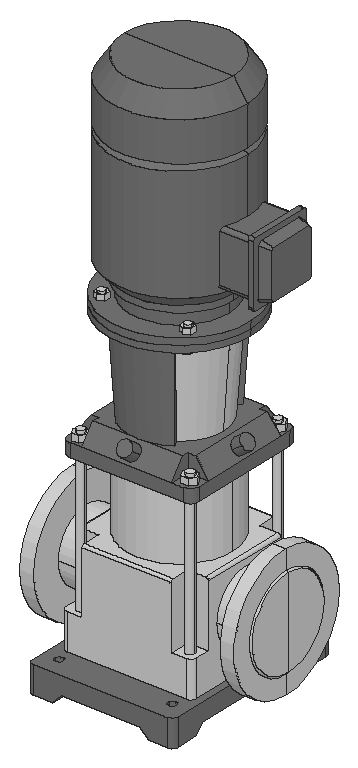
Revit family "TESK_Насос вертикальный_SVM(T)-64", category Оборудование, Revit 2019 (continued)
Types in the file's own list only (44): name | Толщина_ФланцаДвигателя | Напор максимальный | Материал_КорпусУлитка | Высота_Башня | Высота_Корпуса | D_Башня | ADSK_Полная мощность | ADSK_Номинальная мощность | ADSK_Напряжение | ADSK_Наименование | ADSK_Масса_Текст | ADSK_Масса | ADSK_Марка | ADSK_Код изделия | ADSK_Диаметр условный | Фланец_Толщина | УГО_Длина | Двигатель_Ширина | Двигатель_ОтступКоробки | Двигатель_Высота
  SVM 64-5-2 30kW 3x380V 50Hz IE3 | 21 мм | 121 | TESK_Нержавеющая сталь | 320 мм | 1001 мм | 300 мм | 30 кВ·А | 30 кВт | 400 В | "Вертикальный многоступенчатый центробежный насос SVM, DN100, PN16, Hmax=121м (3x380V 50Hz IE3)" | "317" | 317 | "SVM 64-5-2 30kW 3x380V 50Hz IE3" | "7764-50-20003380NSSF" | 100 мм | 26 мм | 365 мм | 400 мм | 310 мм | 705 мм
  SVM 64-5-1 30kW 3x380V 50Hz IE3 | 21 мм | 128 | TESK_Нержавеющая сталь | 320 мм | 1001 мм | 300 мм | 30 кВ·А | 30 кВт | 400 В | "Вертикальный многоступенчатый центробежный насос SVM, DN100, PN16, Hmax=128м (3x380V 50Hz IE3)" | "321" | 321 | "SVM 64-5-1 30kW 3x380V 50Hz IE3" | "7764-50-10003380NSSF" | 100 мм | 26 мм | 365 мм | 400 мм | 310 мм | 705 мм
  SVM 64-5 30kW 3x380V 50Hz IE3 | 21 мм | 136 | TESK_Нержавеющая сталь | 320 мм | 1001 мм | 300 мм | 30 кВ·А | 30 кВт | 400 В | "Вертикальный многоступенчатый центробежный насос SVM, DN100, PN16, Hmax=136м (3x380V 50Hz IE3)" | "321" | 321 | "SVM 64-5 30kW 3x380V 50Hz IE3" | "7764-500003380NSSF" | 100 мм | 26 мм | 365 мм | 400 мм | 310 мм | 705 мм
  SVM 64-6-2 30kW 3x380V 50Hz IE3 | 21 мм | 150 | TESK_Нержавеющая сталь | 340 мм | 1084 мм | 300 мм | 30 кВ·А | 30 кВт | 400 В | "Вертикальный многоступенчатый центробежный насос SVM, DN100, PN16, Hmax=150м (3x380V 50Hz IE3)" | "325" | 325 | "SVM 64-6-2 30kW 3x380V 50Hz IE3" | "7764-60-20003380NSSF" | 100 мм | 26 мм | 365 мм | 400 мм | 310 мм | 705 мм
  SVM 64-6-1 37kW 3x380V 50Hz IE3 | 21 мм | 157 | TESK_Нержавеющая сталь | 340 мм | 1084 мм | 300 мм | 37 кВ·А | 37 кВт | 400 В | "Вертикальный многоступенчатый центробежный насос SVM, DN100, PN16, Hmax=157м (3x380V 50Hz IE3)" | "349" | 349 | "SVM 64-6-1 37kW 3x380V 50Hz IE3" | "7764-60-10003380NSSF" | 100 мм | 26 мм | 365 мм | 400 мм | 310 мм | 705 мм
  SVM 64-6 37kW 3x380V 50Hz IE3 | 21 мм | 164 | TESK_Нержавеющая сталь | 340 мм | 1084 мм | 300 мм | 37 кВ·А | 37 кВт | 400 В | "Вертикальный многоступенчатый центробежный насос SVM, DN100, PN16, Hmax=164м (3x380V 50Hz IE3)" | "349" | 349 | "SVM 64-6 37kW 3x380V 50Hz IE3" | "7764-600003380NSSF" | 100 мм | 26 мм | 365 мм | 400 мм | 310 мм | 705 мм
  SVM 64-7-2 37kW 3x380V 50Hz IE3 | 21 мм | 179 | TESK_Нержавеющая сталь | 380 мм | 1166 мм | 300 мм | 37 кВ·А | 37 кВт | 400 В | "Вертикальный многоступенчатый центробежный насос SVM, DN100, PN16, Hmax=179м (3x380V 50Hz IE3)" | "353" | 353 | "SVM 64-7-2 37kW 3x380V 50Hz IE3" | "7764-70-20003380NSSF" | 100 мм | 26 мм | 365 мм | 400 мм | 310 мм | 705 мм
  SVM 64-7-1 37kW 3x380V 50Hz IE3 | 21 мм | 186 | TESK_Нержавеющая сталь | 380 мм | 1166 мм | 300 мм | 37 кВ·А | 37 кВт | 400 В | "Вертикальный многоступенчатый центробежный насос SVM, DN100, PN16, Hmax=186м (3x380V 50Hz IE3)" | "353" | 353 | "SVM 64-7-1 37kW 3x380V 50Hz IE3" | "7764-70-10003380NSSF" | 100 мм | 26 мм | 365 мм | 400 мм | 310 мм | 705 мм
  SVM 64-7 45kW 3x380V 50Hz IE3 | 22 мм | 193 | TESK_Нержавеющая сталь | 380 мм | 1166 мм | 345 мм | 45 кВ·А | 45 кВт | 400 В | "Вертикальный многоступенчатый центробежный насос SVM, DN100, PN16, Hmax=193м (3x380V 50Hz IE3)" | "420" | 420 | "SVM 64-7 45kW 3x380V 50Hz IE3" | "7764-700003380NSSF" | 100 мм | 26 мм | 365 мм | 460 мм | 340 мм | 740 мм
  SVM 64-8-2 45kW 3x380V 50Hz IE3 | 22 мм | 207 | TESK_Нержавеющая сталь | 400 мм | 1248 мм | 345 мм | 45 кВ·А | 45 кВт | 400 В | "Вертикальный многоступенчатый центробежный насос SVM, DN100, PN16, Hmax=207м (3x380V 50Hz IE3)" | "424" | 424 | "SVM 64-8-2 45kW 3x380V 50Hz IE3" | "7764-80-20003380NSSF" | 100 мм | 26 мм | 365 мм | 460 мм | 340 мм | 740 мм
  SVM 64-8-1 45kW 3x380V 50Hz IE3 | 22 мм | 215 | TESK_Нержавеющая сталь | 400 мм | 1248 мм | 345 мм | 45 кВ·А | 45 кВт | 400 В | "Вертикальный многоступенчатый центробежный насос SVM, DN100, PN16, Hmax=215м (3x380V 50Hz IE3)" | "424" | 424 | "SVM 64-8-1 45kW 3x380V 50Hz IE3" | "7764-80-10003380NSSF" | 100 мм | 26 мм | 365 мм | 460 мм | 340 мм | 740 мм
  SVMT 64-1-1 4kW 3x380V 50Hz IE3 | 11 мм | 19 | TESK_Черный_Условный | 200 мм | 561 мм | 173 мм | 4 кВ·А | 4 кВт | 400 В | "Вертикальный многоступенчатый центробежный насос SVMT, DN100, PN16, Hmax=19м (3x380V 50Hz IE3)" | "93" | 93 | "SVMT 64-1-1 4kW 3x380V 50Hz IE3" | "7764-10-10003380N" | 100 мм | 26 мм | 365 мм | 230 мм | 188 мм | 370 мм
  SVMT 64-1 5.5kW 3x380V 50Hz IE3 | 13 мм | 27 | TESK_Черный_Условный | 200 мм | 561 мм | 195 мм | 6 кВ·А | 6 кВт | 400 В | "Вертикальный многоступенчатый центробежный насос SVMT, DN100, PN16, Hmax=27м (3x380V 50Hz IE3)" | "105" | 105 | "SVMT 64-1 5.5kW 3x380V 50Hz IE3" | "7764-100003380N" | 100 мм | 26 мм | 365 мм | 260 мм | 208 мм | 435 мм
  SVMT 64-2-2 7.5kW 3x380V 50Hz IE3 | 13 мм | 39 | TESK_Черный_Условный | 220 мм | 644 мм | 195 мм | 8 кВ·А | 8 кВт | 400 В | "Вертикальный многоступенчатый центробежный насос SVMT, DN100, PN16, Hmax=39м (3x380V 50Hz IE3)" | "110" | 110 | "SVMT 64-2-2 7.5kW 3x380V 50Hz IE3" | "7764-20-20003380N" | 100 мм | 26 мм | 365 мм | 260 мм | 208 мм | 435 мм
  SVMT 64-2-1 11kW 3x380V 50Hz IE3 | 17 мм | 46 | TESK_Черный_Условный | 240 мм | 754 мм | 263 мм | 11 кВ·А | 11 кВт | 400 В | "Вертикальный многоступенчатый центробежный насос SVMT, DN100, PN16, Hmax=46м (3x380V 50Hz IE3)" | "182" | 182 | "SVMT 64-2-1 11kW 3x380V 50Hz IE3" | "7764-20-10003380N" | 100 мм | 26 мм | 365 мм | 350 мм | 260 мм | 580 мм
  SVMT 64-2 11kW 3x380V 50Hz IE3 | 17 мм | 53 | TESK_Черный_Условный | 240 мм | 754 мм | 263 мм | 11 кВ·А | 11 кВт | 400 В | "Вертикальный многоступенчатый центробежный насос SVMT, DN100, PN16, Hmax=53м (3x380V 50Hz IE3)" | "182" | 182 | "SVMT 64-2 11kW 3x380V 50Hz IE3" | "7764-200003380N" | 100 мм | 26 мм | 365 мм | 350 мм | 260 мм | 580 мм
  SVMT 64-3- 15kW 3x380V 50Hz IE3 | 17 мм | 66 | TESK_Черный_Условный | 260 мм | 836 мм | 263 мм | 15 кВ·А | 15 кВт | 400 В | "Вертикальный многоступенчатый центробежный насос SVMT, DN100, PN16, Hmax=66м (3x380V 50Hz IE3)" | "197" | 197 | "SVMT 64-3- 15kW 3x380V 50Hz IE3" | "7764-30-20003380N" | 100 мм | 26 мм | 365 мм | 350 мм | 260 мм | 580 мм
  SVMT 64-3-2 15kW 3x380V 50Hz IE3 | 17 мм | 73 | TESK_Черный_Условный | 260 мм | 836 мм | 263 мм | 15 кВ·А | 15 кВт | 400 В | "Вертикальный многоступенчатый центробежный насос SVMT, DN100, PN16, Hmax=73м (3x380V 50Hz IE3)" | "197" | 197 | "SVMT 64-3-2 15kW 3x380V 50Hz IE3" | "7764-30-10003380N" | 100 мм | 26 мм | 365 мм | 350 мм | 260 мм | 580 мм
  SVMT 64-3 18.5kW 3x380V 50Hz IE3 | 18 мм | 80 | TESK_Черный_Условный | 260 мм | 836 мм | 248 мм | 19 кВ·А | 19 кВт | 400 В | "Вертикальный многоступенчатый центробежный насос SVMT, DN100, PN16, Hmax=80м (3x380V 50Hz IE3)" | "221" | 221 | "SVMT 64-3 18.5kW 3x380V 50Hz IE3" | "7764-300003380N" | 100 мм | 26 мм | 365 мм | 330 мм | 260 мм | 610 мм
  SVMT 64-4-2 18.5kW 3x380V 50Hz IE3 | 18 мм | 92 | TESK_Черный_Условный | 300 мм | 919 мм | 263 мм | 19 кВ·А | 19 кВт | 400 В | "Вертикальный многоступенчатый центробежный насос SVMT, DN100, PN16, Hmax=92м (3x380V 50Hz IE3)" | "225" | 225 | "SVMT 64-4-2 18.5kW 3x380V 50Hz IE3" | "7764-40-20003380N" | 100 мм | 26 мм | 365 мм | 350 мм | 260 мм | 610 мм
  SVMT 64-4-1 22kW 3x380V 50Hz IE3 | 19 мм | 100 | TESK_Черный_Условный | 300 мм | 919 мм | 270 мм | 22 кВ·А | 22 кВт | 400 В | "Вертикальный многоступенчатый центробежный насос SVMT, DN100, PN16, Hmax=100м (3x380V 50Hz IE3)" | "258" | 258 | "SVMT 64-4-1 22kW 3x380V 50Hz IE3" | "7764-40-10003380N" | 100 мм | 26 мм | 365 мм | 360 мм | 285 мм | 645 мм
  SVMT 64-4 22kW 3x380V 50Hz IE3 | 19 мм | 107 | TESK_Черный_Условный | 300 мм | 919 мм | 270 мм | 22 кВ·А | 22 кВт | 400 В | "Вертикальный многоступенчатый центробежный насос SVMT, DN100, PN16, Hmax=107м (3x380V 50Hz IE3)" | "258" | 258 | "SVMT 64-4 22kW 3x380V 50Hz IE3" | "7764-400003380N" | 100 мм | 26 мм | 365 мм | 360 мм | 285 мм | 645 мм
  SVMT 64-5-2 30kW 3x380V 50Hz IE3 | 21 мм | 121 | TESK_Черный_Условный | 320 мм | 1001 мм | 300 мм | 30 кВ·А | 30 кВт | 400 В | "Вертикальный многоступенчатый центробежный насос SVMT, DN100, PN16, Hmax=121м (3x380V 50Hz IE3)" | "317" | 317 | "SVMT 64-5-2 30kW 3x380V 50Hz IE3" | "7764-50-20003380N" | 100 мм | 26 мм | 365 мм | 400 мм | 310 мм | 705 мм
  SVMT 64-5-1 30kW 3x380V 50Hz IE3 | 21 мм | 128 | TESK_Черный_Условный | 320 мм | 1001 мм | 300 мм | 30 кВ·А | 30 кВт | 400 В | "Вертикальный многоступенчатый центробежный насос SVMT, DN100, PN16, Hmax=128м (3x380V 50Hz IE3)" | "321" | 321 | "SVMT 64-5-1 30kW 3x380V 50Hz IE3" | "7764-50-10003380N" | 100 мм | 26 мм | 365 мм | 400 мм | 310 мм | 705 мм
  SVMT 64-5 30kW 3x380V 50Hz IE3 | 21 мм | 136 | TESK_Черный_Условный | 320 мм | 1001 мм | 300 мм | 30 кВ·А | 30 кВт | 400 В | "Вертикальный многоступенчатый центробежный насос SVMT, DN100, PN16, Hmax=136м (3x380V 50Hz IE3)" | "321" | 321 | "SVMT 64-5 30kW 3x380V 50Hz IE3" | "7764-500003380N" | 100 мм | 26 мм | 365 мм | 400 мм | 310 мм | 705 мм
  SVMT 64-6-2 30kW 3x380V 50Hz IE3 | 21 мм | 150 | TESK_Черный_Условный | 340 мм | 1084 мм | 300 мм | 30 кВ·А | 30 кВт | 400 В | "Вертикальный многоступенчатый центробежный насос SVMT, DN100, PN16, Hmax=150м (3x380V 50Hz IE3)" | "325" | 325 | "SVMT 64-6-2 30kW 3x380V 50Hz IE3" | "7764-60-20003380N" | 100 мм | 26 мм | 365 мм | 400 мм | 310 мм | 705 мм
  SVMT 64-6-1 37kW 3x380V 50Hz IE3 | 21 мм | 157 | TESK_Черный_Условный | 340 мм | 1084 мм | 300 мм | 37 кВ·А | 37 кВт | 400 В | "Вертикальный многоступенчатый центробежный насос SVMT, DN100, PN16, Hmax=157м (3x380V 50Hz IE3)" | "349" | 349 | "SVMT 64-6-1 37kW 3x380V 50Hz IE3" | "7764-60-10003380N" | 100 мм | 26 мм | 365 мм | 400 мм | 310 мм | 705 мм
  SVMT 64-6 37kW 3x380V 50Hz IE3 | 21 мм | 164 | TESK_Черный_Условный | 340 мм | 1084 мм | 300 мм | 37 кВ·А | 37 кВт | 400 В | "Вертикальный многоступенчатый центробежный насос SVMT, DN100, PN16, Hmax=164м (3x380V 50Hz IE3)" | "349" | 349 | "SVMT 64-6 37kW 3x380V 50Hz IE3" | "7764-600003380N" | 100 мм | 26 мм | 365 мм | 400 мм | 310 мм | 705 мм
  SVMT 64-7-2 37kW 3x380V 50Hz IE3 | 21 мм | 179 | TESK_Черный_Условный | 380 мм | 1166 мм | 300 мм | 37 кВ·А | 37 кВт | 400 В | "Вертикальный многоступенчатый центробежный насос SVMT, DN100, PN16, Hmax=179м (3x380V 50Hz IE3)" | "353" | 353 | "SVMT 64-7-2 37kW 3x380V 50Hz IE3" | "7764-70-20003380N" | 100 мм | 26 мм | 365 мм | 400 мм | 310 мм | 705 мм
  SVMT 64-7-1 37kW 3x380V 50Hz IE3 | 21 мм | 186 | TESK_Черный_Условный | 380 мм | 1166 мм | 300 мм | 37 кВ·А | 37 кВт | 400 В | "Вертикальный многоступенчатый центробежный насос SVMT, DN100, PN16, Hmax=186м (3x380V 50Hz IE3)" | "353" | 353 | "SVMT 64-7-1 37kW 3x380V 50Hz IE3" | "7764-70-10003380N" | 100 мм | 26 мм | 365 мм | 400 мм | 310 мм | 705 мм
  SVMT 64-7 45kW 3x380V 50Hz IE3 | 22 мм | 193 | TESK_Черный_Условный | 380 мм | 1166 мм | 345 мм | 45 кВ·А | 45 кВт | 400 В | "Вертикальный многоступенчатый центробежный насос SVMT, DN100, PN16, Hmax=193м (3x380V 50Hz IE3)" | "420" | 420 | "SVMT 64-7 45kW 3x380V 50Hz IE3" | "7764-700003380N" | 100 мм | 26 мм | 365 мм | 460 мм | 340 мм | 740 мм
  SVMT 64-8-2 45kW 3x380V 50Hz IE3 | 22 мм | 207 | TESK_Черный_Условный | 400 мм | 1248 мм | 345 мм | 45 кВ·А | 45 кВт | 400 В | "Вертикальный многоступенчатый центробежный насос SVMT, DN100, PN16, Hmax=207м (3x380V 50Hz IE3)" | "424" | 424 | "SVMT 64-8-2 45kW 3x380V 50Hz IE3" | "7764-80-20003380N" | 100 мм | 26 мм | 365 мм | 460 мм | 340 мм | 740 мм
  SVMT 64-8-1 45kW 3x380V 50Hz IE3 | 22 мм | 215 | TESK_Черный_Условный | 400 мм | 1248 мм | 345 мм | 45 кВ·А | 45 кВт | 400 В | "Вертикальный многоступенчатый центробежный насос SVMT, DN100, PN16, Hmax=215м (3x380V 50Hz IE3)" | "424" | 424 | "SVMT 64-8-1 45kW 3x380V 50Hz IE3" | "7764-80-10003380N" | 100 мм | 26 мм | 365 мм | 460 мм | 340 мм | 740 мм
